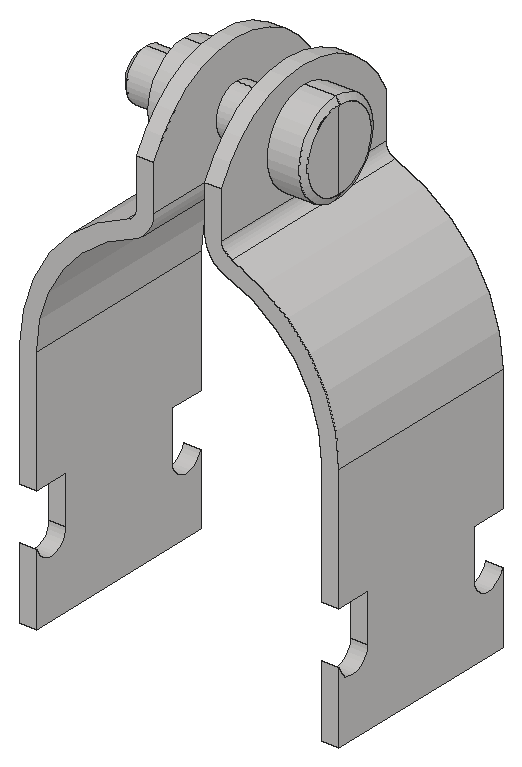
Revit family "Pipe-Clamp-Atkore-Thinwall-Conduit-P1430", category Specialty Equipment, Revit 2012
Parameters (values of type "P1430")
  ecoScorecard_data = ""
  ecoScorecard Product Page = ""
  Unit = Metal - Aluminum - Atkore - Electro - Galvanized
  URL = "http://unistrut.us/index.php"
  Thickness Gauge = 1.50 mm  # constant formula
  Subcategory = "Pipe Clamps"  # constant formula
  Product Page URL = ""
  Part Type = "Clamp"  # constant formula
  Part Number = "P1430"
  Overall Width = 49.784 mm
  Overall Height = 82.153 mm
  Overall Depth = 31.93 mm
  Outer Diameter = 44.20 mm
  Model = "P1430"  # constant formula
  Material = "Multiple Options - See Catalog"
  Manufacturer Toll Free Phone = "800-882-5543"  # constant formula
  Manufacturer Phone = "708-339-1610"  # constant formula
  Manufacturer Fax = "708-339-7814"  # constant formula
  Manufacturer Email = "mailto:questions@atkore.com"
  Manufacturer Address = "16100 South Lathrop Avenue, Harvey, IL 60426"  # constant formula
  Manufacturer = "Unistrut by Atkore International"  # constant formula
  Load Capacity Note = "Visit the product page for load application and capacity."  # constant formula
  Literature URL = ""
  Description = "Pipe Clamps For Thin Wall Conduit"  # constant formula
  Cost Info = "mailto:questions@atkore.com"
  Construction Note = ""
  Conduit Size = 38.10 mm
  CSI MasterSpec = ""
  CAD URL = ""
  Assembly Code = "D5090300"
  95 CSI = "16070"  # constant formula
  04 CSI = "26 05 48"  # constant formula
Reference planes
  plane 1 "Center (Front/Back)": y = 0
  plane 2: z = 0
  plane 3 "Center (Left/Right)": x = 0
  plane 4: y = 15.965
  plane 5: y = -15.965
  plane 6: x = -24.892
  plane 7: x = 24.892
  plane 8: z = 82.153
Dimensions and locks
  equal spacing: plane 4, plane 1 "Center (Front/Back)", plane 5
  "Overall Height": plane 8 to level
  "Overall Depth": plane 4 to plane 5
  "Overall Width": plane 6 to plane 7
  equal spacing: plane 6, plane 3 "Center (Left/Right)", plane 7
  aligned and locked: level to plane 2
  aligned and locked: plane 1 "Center (Front/Back)" to nested 1
  aligned and locked: plane 3 "Center (Left/Right)" to nested 1
Nested families
  nested 1: "P1430" at (0, 0, 0), type "P1430"
Definition of nested family "P1430"
  Parameters (values of type "P1430")
    Unit = none
    Default Elevation = 1219.20 mm
  Reference planes
    plane 1 "Center (Front/Back)": y = 0
    plane 2: z = 0
    plane 3 "Center (Left/Right)": x = 0
    plane 4: y = -15.967
    plane 5: x = -24.892
    plane 6: x = 24.892
    plane 7: y = 15.967
    plane 8: z = 82.153
    plane 9: z = 19.431
    plane 10: z = 64.511
  Forms (mm)
    Extrusion 1, solid, material <- "Unit"
      sketch origin (0, 0, 0) x (0, 1, 0) y (0, 0, 1)
        loop
          line (-10.305, 19.431) -> (-10.305, 11.906)
          arc (-10.305, 11.906) -> (-12.811, 9.051) -> (-15.967, 11.165) r 2.88
          line (-15.967, 11.165) -> (-15.967, 0) -> (15.967, 0) -> (15.967, 11.165)
          arc (15.967, 11.165) -> (12.825, 9.065) -> (10.333, 11.906) r 2.866
          line (10.333, 11.906) -> (10.333, 19.431) -> (-10.305, 19.431)
      from 22.225 to 24.892
    Extrusion 2, solid, material <- "Unit"
      sketch origin (0, 0, 0) x (1, 0, 0) y (0, 0, 1)
        loop
          arc (7.254, 59.902) -> (18.099, 51.792) -> (22.225, 38.894) r 22.225
          line (22.225, 38.894) -> (22.225, 19.431) -> (24.892, 19.431) -> (24.892, 38.894)
          arc (24.892, 38.894) -> (20.271, 53.34) -> (8.124, 62.423) r 24.892
          arc (8.124, 62.423) -> (7.046, 63.229) -> (6.636, 64.511) r 2.21
          line (6.636, 64.511) -> (3.969, 64.511)
          arc (3.969, 64.511) -> (4.874, 61.681) -> (7.254, 59.902) r 4.877
      from -15.967 to 15.967
    Extrusion 3, solid, material <- "Unit"
      sketch origin (0, 0, 0) x (0, 1, 0) y (0, 0, 1)
        loop
          line (-15.967, 71.73) -> (-15.967, 64.511) -> (15.967, 64.511) -> (15.967, 71.793)
          arc (15.967, 71.793) -> (-0.02, 82.153) -> (-15.967, 71.73) r 17.463
      from 3.969 to 6.636
    Extrusion 4, solid, material <- "Unit"
      sketch origin (0, 0, 0) x (0, 1, 0) y (0, 0, -1)
        loop
          line (-10.305, -19.431) -> (10.333, -19.431) -> (10.333, -11.906)
          arc (10.333, -11.906) -> (12.825, -9.065) -> (15.967, -11.165) r 2.866
          line (15.967, -11.165) -> (15.967, 0) -> (-15.967, 0) -> (-15.967, -11.165)
          arc (-15.967, -11.165) -> (-12.811, -9.051) -> (-10.305, -11.906) r 2.88
          line (-10.305, -11.906) -> (-10.305, -19.431)
      from 22.225 to 24.892
    Extrusion 5, solid, material <- "Unit"
      sketch origin (0, 0, 0) x (-1, 0, 0) y (0, 0, -1)
        loop
          arc (7.254, -59.902) -> (4.874, -61.681) -> (3.969, -64.511) r 4.877
          line (3.969, -64.511) -> (6.636, -64.511)
          arc (6.636, -64.511) -> (7.046, -63.229) -> (8.124, -62.423) r 2.21
          arc (8.124, -62.423) -> (20.271, -53.34) -> (24.892, -38.894) r 24.892
          line (24.892, -38.894) -> (24.892, -19.431) -> (22.225, -19.431) -> (22.225, -38.894)
          arc (22.225, -38.894) -> (18.099, -51.792) -> (7.254, -59.902) r 22.225
      from -15.967 to 15.967
    Extrusion 6, solid, material <- "Unit"
      sketch origin (0, 0, 0) x (0, 1, 0) y (0, 0, -1)
        loop
          arc (-15.967, -71.73) -> (-0.02, -82.153) -> (15.967, -71.793) r 17.463
          line (15.967, -71.793) -> (15.967, -64.511) -> (-15.967, -64.511) -> (-15.967, -71.73)
      from 3.969 to 6.636
    Revolve 7, solid, material <- "Unit"
      sketch origin (0, 0, 0) x (1, 0, 0) y (0, 0, 1)
        loop
          arc (-12.003, 79.375) -> (-12.806, 77.837) -> (-13.383, 76.2) r 12.195
          line (-13.383, 76.2) -> (-17.875, 76.2) -> (-18.764, 75.311) -> (-18.764, 72.231) -> (-6.636, 72.231) -> (-6.636, 79.375) -> (-12.003, 79.375)
        loop
          line (-3.969, 76.2) -> (-3.969, 72.231) -> (3.969, 72.231) -> (3.969, 76.2) -> (-3.969, 76.2)
        loop
          line (6.636, 72.231) -> (12.144, 72.231) -> (12.207, 78.503) -> (11.637, 79.49) -> (6.636, 79.49) -> (6.636, 72.231)
        axis (-18.764, 72.231) -> (12.207, 72.231)
      angle from 0 to 360
  Cuts and joins
    joined: Extrusion 1, Extrusion 2, Extrusion 3
    joined: Extrusion 4, Extrusion 5, Extrusion 6
  Dimensions and locks
    equal spacing: plane 5, plane 3 "Center (Left/Right)", plane 6
    equal spacing: plane 4, plane 1 "Center (Front/Back)", plane 7
    aligned and locked: plane 2 to level
    aligned and locked: Extrusion 2 to plane 4
    aligned and locked: Extrusion 2 to plane 7
  Automatic sketch dimensions
    Extrusion 1 sketch curve to plane 4 = 0.00 mm
    plane 9 to Extrusion 1 sketch curve = 0.00 mm
    Extrusion 1 sketch curve to level = 0.00 mm
    Extrusion 1 sketch curve to plane 7 = 0.00 mm
    plane 4 to Extrusion 1 sketch curve = 2.782 mm
    Extrusion 1 sketch curve to Extrusion 1 sketch curve = 2.88 mm
    plane 7 to Extrusion 1 sketch curve = 5.634 mm
    plane 7 to Extrusion 1 sketch curve = 2.768 mm
    plane 9 to Extrusion 1 sketch curve = 8.266 mm  (x2)
    Extrusion 2 sketch curve to Extrusion 2 sketch curve = 0.00 mm  (x5)
    Extrusion 2 sketch curve to plane 3 "Center (Left/Right)" = 0.00 mm
    Extrusion 2 sketch curve to plane 10 = 0.00 mm
    Extrusion 2 sketch curve to plane 9 = 0.00 mm
    Extrusion 2 sketch curve to plane 6 = 0.00 mm
    plane 3 "Center (Left/Right)" to Extrusion 2 sketch curve = 3.969 mm
    Extrusion 2 sketch curve to Extrusion 2 sketch curve = 2.667 mm
    Extrusion 2 sketch curve to Extrusion 2 sketch curve = 0.618 mm
    plane 10 to Extrusion 2 sketch curve = 2.089 mm
    Extrusion 3 sketch curve to plane 4 = 0.00 mm
    Extrusion 3 sketch curve to plane 7 = 0.00 mm
    plane 10 to Extrusion 3 sketch curve = 0.00 mm
    Extrusion 3 sketch curve to plane 1 "Center (Front/Back)" = 0.014 mm
    Extrusion 3 sketch curve to plane 10 = 0.179 mm
    Extrusion 3 sketch curve to plane 10 = 7.218 mm
    Extrusion 4 sketch curve to plane 4 = 0.00 mm
    plane 9 to Extrusion 4 sketch curve = 0.00 mm
    Extrusion 4 sketch curve to level = 0.00 mm
    Extrusion 4 sketch curve to plane 7 = 0.00 mm
    plane 4 to Extrusion 4 sketch curve = 2.782 mm
    Extrusion 4 sketch curve to Extrusion 4 sketch curve = 2.88 mm
    plane 7 to Extrusion 4 sketch curve = 5.634 mm
    plane 7 to Extrusion 4 sketch curve = 2.768 mm
    plane 9 to Extrusion 4 sketch curve = 7.525 mm  (x2)
    Extrusion 5 sketch curve to Extrusion 5 sketch curve = 0.00 mm  (x5)
    Extrusion 5 sketch curve to plane 3 "Center (Left/Right)" = 0.00 mm
    Extrusion 5 sketch curve to plane 10 = 0.00 mm
    Extrusion 5 sketch curve to plane 9 = 0.00 mm
    Extrusion 5 sketch curve to plane 5 = 0.00 mm
    plane 3 "Center (Left/Right)" to Extrusion 5 sketch curve = 3.969 mm
    Extrusion 5 sketch curve to Extrusion 5 sketch curve = 2.667 mm
    Extrusion 5 sketch curve to Extrusion 5 sketch curve = 0.618 mm
    Extrusion 5 sketch curve to plane 10 = 2.089 mm
    Extrusion 6 sketch curve to plane 4 = 0.00 mm
    Extrusion 6 sketch curve to plane 7 = 0.00 mm
    plane 10 to Extrusion 6 sketch curve = 0.00 mm
    Extrusion 6 sketch curve to plane 1 "Center (Front/Back)" = 0.014 mm
    Extrusion 6 sketch curve to plane 10 = 0.179 mm
    Extrusion 6 sketch curve to plane 10 = 7.218 mm
    plane 5 to Revolve 7 sketch curve = 6.128 mm
    Revolve 7 sketch curve to Revolve 7 sketch curve = 0.889 mm  (x2)
    Revolve 7 sketch curve to Revolve 7 sketch curve = 4.493 mm
    Revolve 7 sketch curve to Revolve 7 sketch curve = 1.38 mm
    Revolve 7 sketch curve to Revolve 7 sketch curve = 5.367 mm
    Revolve 7 sketch curve to Revolve 7 sketch curve = 0.00 mm  (x4)
    Revolve 7 sketch curve to plane 3 "Center (Left/Right)" = 3.969 mm
    Revolve 7 sketch curve to plane 3 "Center (Left/Right)" = 1.622 mm
    plane 3 "Center (Left/Right)" to Revolve 7 sketch curve = 3.969 mm
    Revolve 7 sketch curve to Revolve 7 sketch curve = 2.667 mm
    Revolve 7 sketch curve to Revolve 7 sketch curve = 5.001 mm
    Revolve 7 sketch curve to Revolve 7 sketch curve = 5.508 mm
    plane 8 to Revolve 7 sketch curve = 3.65 mm
    Revolve 7 sketch curve to Revolve 7 sketch curve = 0.57 mm
    plane 8 to Revolve 7 sketch curve = 5.953 mm  (x2)
    Revolve 7 sketch curve to Revolve 7 sketch curve = 3.224 mm
    Revolve 7 sketch curve to Revolve 7 sketch curve = 3.08 mm
    Revolve 7 sketch curve to Revolve 7 sketch curve = 3.969 mm
    Revolve 7 sketch curve to Revolve 7 sketch curve = 0.987 mm
